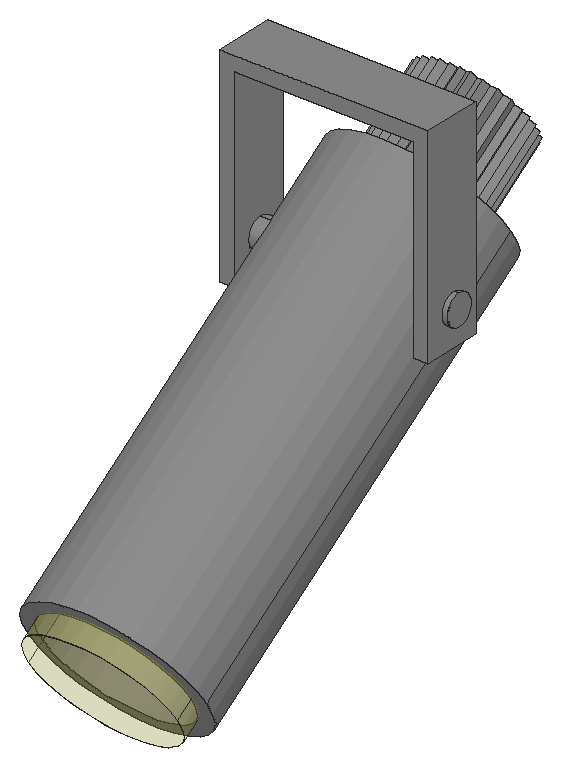
Revit family "Luminária Spot - Exemplo", category Luminárias, Revit 2015
Parameters (values of type "Tipo 1")
  built-in parameter 1010507 = 1.5708 (stored number, unit not read)
  built-in parameter 1010506 = 0.5236 (stored number, unit not read)
  Tilt Angle = 60.00°
  Wattage = 9.2903 W
  built-in parameter 1150110 = 1 (stored number, unit not read)
  built-in parameter 1114217 = 1 (stored number, unit not read)
  built-in parameter 1150109 = 1 (stored number, unit not read)
  built-in parameter 1150134 = (empty or 0)
  built-in parameter 1150113 = 1 (stored number, unit not read)
  Lumens = 1380 lm
  built-in parameter 1150115 = 1 (stored number, unit not read)
  built-in parameter 1150105 = 4614.1 (stored number, unit not read)
  built-in parameter 1150137 = (empty or 0)
  built-in parameter 1150139 = (empty or 0)
  built-in parameter 1150112 = 1 (stored number, unit not read)
  built-in parameter 1150114 = 1 (stored number, unit not read)
  built-in parameter 1150132 = 2
  built-in parameter 1150102 = (empty or 0)
  built-in parameter 1150138 = (empty or 0)
  built-in parameter 1150107 = 3000 (stored number, unit not read)
  built-in parameter 1150106 = 46.141 (stored number, unit not read)
  built-in parameter 1150104 = 13.8 (stored number, unit not read)
  Dimming Lamp Color Temperature Shift = (empty or 0)
  Color Filter = 16777215
  built-in parameter 1114218 = 1 (stored number, unit not read)
  Light Source Symbol Length = 3.050 m
  Altura do Foco = 0.155 m
  Comprimento do símbolo da fonte luminosa = 3.048 m
Reference planes (m)
  plane 1 "Eixo de origem da luz (F/T)": y = 0
  plane 2: z = 0
  plane 3 "Eixo de origem da luz (E/D)": x = 0
  plane 4 "Forro": z = -0.000128
  plane 5 "Elevação da origem da luz": z = -0.155
Forms (m)
  Extrusion 1, solid, material ".Material Suporte"
    sketch origin (0, 0, 0) x (1, 0, 0) y (0, 0, 1)
      loop
        line (0.035, -0.000128) -> (-0.035, -0.000128) -> (-0.035, -0.070128) -> (-0.03, -0.070128) -> (-0.03, -0.005128) -> (0.03, -0.005128) -> (0.03, -0.070128) -> (0.035, -0.070128) -> (0.035, -0.000128)
    from 0 to 0.02
  Extrusion 2, solid, material ".Material Suporte"
    sketch origin (0, -0.037156, -0.025159) x (1, 0, 0) y (0, -0.559193, 0.829038)
      loop
        circle (0, -0.053346) r 0.03
    from -0.034302 to 0.12
  Extrusion 3, void
    sketch origin (0, -0.136641, -0.092263) x (1, 0, 0) y (0, -0.559193, 0.829038)
      loop
        circle (-0.000443, -0.053562) r 0.025
    from -0.145425 to 0.006608
  Extrusion 4, solid, material ".Material Suporte"
    sketch origin (0, -0.008718, -0.005978) x (-1, 0, 0) y (0, -0.559193, 0.829038)
      loop
        line (-0.005522, -0.033324) -> (-0.006444, -0.035728) -> (-0.008977, -0.034904) -> (-0.009912, -0.037782) -> (-0.012723, -0.037782) -> (-0.01287, -0.040588) -> (-0.015775, -0.041378) -> (-0.015193, -0.044119) -> (-0.017763, -0.04538) -> (-0.016455, -0.047395) -> (-0.018638, -0.048595) -> (-0.017026, -0.050449) -> (-0.018981, -0.052149) -> (-0.017058, -0.05365) -> (-0.018569, -0.056201) -> (-0.016387, -0.057313) -> (-0.017413, -0.059955) -> (-0.014885, -0.060937) -> (-0.015155, -0.063968) -> (-0.012373, -0.064449) -> (-0.012373, -0.067155) -> (-0.009923, -0.066679) -> (-0.009631, -0.069142) -> (-0.006992, -0.068484) -> (-0.005862, -0.070995) -> (-0.003607, -0.069745) -> (-0.002389, -0.071942) -> (-0.000705, -0.070259) -> (0.001031, -0.072221) -> (0.00262, -0.070265) -> (0.004306, -0.071951) -> (0.005404, -0.069792) -> (0.007501, -0.071145) -> (0.008359, -0.068771) -> (0.011038, -0.069537) -> (0.011842, -0.066725) -> (0.014801, -0.066725) -> (0.015034, -0.063659) -> (0.017837, -0.063063) -> (0.017364, -0.059957) -> (0.019825, -0.059061) -> (0.018535, -0.056696) -> (0.020776, -0.0554) -> (0.019055, -0.053407) -> (0.021031, -0.052221) -> (0.018986, -0.050269) -> (0.020607, -0.048267) -> (0.018253, -0.046783) -> (0.019475, -0.044486) -> (0.016756, -0.043337) -> (0.017217, -0.040473) -> (0.014343, -0.04001) -> (0.014343, -0.037295) -> (0.011867, -0.037794) -> (0.011692, -0.035299) -> (0.008771, -0.035889) -> (0.007819, -0.033408) -> (0.005518, -0.034706) -> (0.00455, -0.032533) -> (0.002532, -0.034287) -> (0.001031, -0.032221) -> (-0.000539, -0.034196) -> (-0.002244, -0.03249) -> (-0.003253, -0.034654) -> (-0.005522, -0.033324)
    from 0 to 0.03
  Extrusion 5, solid, material ".material Vidro"
    sketch origin (0, -0.136641, -0.092263) x (1, 0, 0) y (0, -0.559193, 0.829038)
      loop
        circle (0.000201, -0.052976) r 0.025019
    from -0.097935 to 0.007513
  Extrusion 6, solid, material ".Material Suporte"
    sketch origin (0.035, 0, -0.000128) x (0, 0, -1) y (0, 1, 0)
      loop
        circle (0.057809, -0.009463) r 0.005
    from -0.071662 to 0.002032
Cuts and joins
  Extrusion 3 cuts Extrusion 2
Dimensions and locks (m)
  equal spacing: host sketch curve, plane 3 "Eixo de origem da luz (E/D)", host sketch curve
  equal spacing: host sketch curve, plane 1 "Eixo de origem da luz (F/T)", host sketch curve
  host sketch curve to host sketch curve = 4.000 m  (x2)
  locked: plane 4 "Forro" to host ceiling at 0
  "Altura do Foco": level to plane 5 "Elevação da origem da luz"
Automatic sketch dimensions
  Extrusion 1 sketch curve to plane 4 "Forro" = 0.000 m
  Extrusion 1 sketch curve to plane 3 "Eixo de origem da luz (E/D)" = 0.035 m
  Extrusion 1 sketch curve to Extrusion 1 sketch curve = 0.005 m  (x2)
  plane 4 "Forro" to Extrusion 1 sketch curve = 0.005 m
  plane 3 "Eixo de origem da luz (E/D)" to Extrusion 1 sketch curve = 0.030 m
  Extrusion 1 sketch curve to Extrusion 1 sketch curve = 0.065 m
  Extrusion 1 sketch curve to Extrusion 1 sketch curve = 0.000 m
  Extrusion 2 sketch curve to plane 3 "Eixo de origem da luz (E/D)" = 0.000 m
  Extrusion 4 sketch curve to Extrusion 4 sketch curve = 0.000343 m
  Extrusion 4 sketch curve to Extrusion 4 sketch curve = 0.000411 m
  Extrusion 4 sketch curve to Extrusion 4 sketch curve = 0.000875 m
  Extrusion 4 sketch curve to Extrusion 4 sketch curve = 0.001156 m
  Extrusion 4 sketch curve to Extrusion 4 sketch curve = 0.001922 m
  Extrusion 4 sketch curve to Extrusion 4 sketch curve = 0.001612 m
  Extrusion 4 sketch curve to Extrusion 4 sketch curve = 0.001308 m
  Extrusion 4 sketch curve to Extrusion 4 sketch curve = 0.002182 m
  Extrusion 4 sketch curve to Extrusion 4 sketch curve = 0.001988 m
  Extrusion 4 sketch curve to Extrusion 4 sketch curve = 0.000583 m
  Extrusion 4 sketch curve to Extrusion 4 sketch curve = 0.002258 m
  Extrusion 4 sketch curve to Extrusion 4 sketch curve = 0.002528 m
  Extrusion 4 sketch curve to Extrusion 4 sketch curve = 0.002905 m
  Extrusion 4 sketch curve to Extrusion 4 sketch curve = 0.000147 m
  Extrusion 4 sketch curve to Extrusion 4 sketch curve = 0.002783 m
  Extrusion 4 sketch curve to Extrusion 4 sketch curve = 0.002449 m
  Extrusion 4 sketch curve to Extrusion 4 sketch curve = 0.002811 m
  Extrusion 4 sketch curve to Extrusion 4 sketch curve = 0.000293 m
  Extrusion 4 sketch curve to Extrusion 4 sketch curve = 0.000935 m
  Extrusion 4 sketch curve to Extrusion 4 sketch curve = 0.002639 m
  Extrusion 4 sketch curve to Extrusion 4 sketch curve = 0.002533 m
  Extrusion 4 sketch curve to Extrusion 4 sketch curve = 0.00113 m
  Extrusion 4 sketch curve to Extrusion 4 sketch curve = 0.000923 m
  Extrusion 4 sketch curve to Extrusion 4 sketch curve = 0.002255 m
  Extrusion 4 sketch curve to Extrusion 4 sketch curve = 0.002268 m
  Extrusion 4 sketch curve to Extrusion 4 sketch curve = 0.001218 m
  Extrusion 4 sketch curve to Extrusion 4 sketch curve = 0.001009 m
  Extrusion 4 sketch curve to Extrusion 4 sketch curve = 0.001683 m  (x2)
  Extrusion 4 sketch curve to Extrusion 4 sketch curve = 0.001705 m
  Extrusion 4 sketch curve to Extrusion 4 sketch curve = 0.00157 m
  Extrusion 4 sketch curve to Extrusion 4 sketch curve = 0.001736 m
  Extrusion 4 sketch curve to Extrusion 4 sketch curve = 0.001501 m
  Extrusion 4 sketch curve to Extrusion 4 sketch curve = 0.001589 m
  Extrusion 4 sketch curve to Extrusion 4 sketch curve = 0.001686 m  (x2)
  Extrusion 4 sketch curve to Extrusion 4 sketch curve = 0.002018 m
  Extrusion 4 sketch curve to Extrusion 4 sketch curve = 0.001098 m
  Extrusion 4 sketch curve to Extrusion 4 sketch curve = 0.000968 m
  Extrusion 4 sketch curve to Extrusion 4 sketch curve = 0.002097 m
  Extrusion 4 sketch curve to Extrusion 4 sketch curve = 0.002301 m
  Extrusion 4 sketch curve to Extrusion 4 sketch curve = 0.000858 m
  Extrusion 4 sketch curve to Extrusion 4 sketch curve = 0.000952 m
  Extrusion 4 sketch curve to Extrusion 4 sketch curve = 0.00268 m
  Extrusion 4 sketch curve to Extrusion 4 sketch curve = 0.002921 m
  Extrusion 4 sketch curve to Extrusion 4 sketch curve = 0.000804 m
  Extrusion 4 sketch curve to Extrusion 4 sketch curve = 0.000174 m
  Extrusion 4 sketch curve to Extrusion 4 sketch curve = 0.002476 m
  Extrusion 4 sketch curve to Extrusion 4 sketch curve = 0.002959 m
  Extrusion 4 sketch curve to Extrusion 4 sketch curve = 0.000233 m
  Extrusion 4 sketch curve to Extrusion 4 sketch curve = 0.002413 m
  Extrusion 4 sketch curve to Extrusion 4 sketch curve = 0.000461 m
  Extrusion 4 sketch curve to Extrusion 4 sketch curve = 0.00233 m
  Extrusion 4 sketch curve to Extrusion 4 sketch curve = 0.002803 m
  Extrusion 4 sketch curve to Extrusion 4 sketch curve = 0.001497 m
  Extrusion 4 sketch curve to Extrusion 4 sketch curve = 0.001171 m
  Extrusion 4 sketch curve to Extrusion 4 sketch curve = 0.000733 m
  Extrusion 4 sketch curve to Extrusion 4 sketch curve = 0.000069 m
  Extrusion 4 sketch curve to Extrusion 4 sketch curve = 0.001221 m
  Extrusion 4 sketch curve to Extrusion 4 sketch curve = 0.002461 m
  Extrusion 4 sketch curve to Extrusion 4 sketch curve = 0.001621 m
  Extrusion 4 sketch curve to Extrusion 4 sketch curve = 0.002241 m
  Extrusion 4 sketch curve to Extrusion 4 sketch curve = 0.001975 m  (x2)
  Extrusion 4 sketch curve to Extrusion 4 sketch curve = 0.00027 m
  Extrusion 4 sketch curve to Extrusion 4 sketch curve = 0.000278 m
  Extrusion 4 sketch curve to Extrusion 4 sketch curve = 0.000806 m
  Extrusion 4 sketch curve to Extrusion 4 sketch curve = 0.000947 m
  Extrusion 4 sketch curve to Extrusion 4 sketch curve = 0.002159 m
  Extrusion 4 sketch curve to Extrusion 4 sketch curve = 0.001608 m
  Extrusion 4 sketch curve to Extrusion 4 sketch curve = 0.001853 m
  Extrusion 4 sketch curve to Extrusion 4 sketch curve = 0.002374 m
  Extrusion 4 sketch curve to Extrusion 4 sketch curve = 0.000658 m
  Extrusion 4 sketch curve to Extrusion 4 sketch curve = 0.001987 m
  Extrusion 4 sketch curve to Extrusion 4 sketch curve = 0.002463 m
  Extrusion 4 sketch curve to Extrusion 4 sketch curve = 0.002706 m
  Extrusion 4 sketch curve to Extrusion 4 sketch curve = 0.00048 m
  Extrusion 4 sketch curve to Extrusion 4 sketch curve = 0.003066 m
  Extrusion 4 sketch curve to Extrusion 4 sketch curve = 0.000596 m
  Extrusion 4 sketch curve to Extrusion 4 sketch curve = 0.003031 m
  Extrusion 4 sketch curve to Extrusion 4 sketch curve = 0.003106 m
  Extrusion 4 sketch curve to Extrusion 4 sketch curve = 0.000982 m
  Extrusion 4 sketch curve to Extrusion 4 sketch curve = 0.000896 m
  Extrusion 4 sketch curve to Extrusion 4 sketch curve = 0.002365 m
  Extrusion 4 sketch curve to Extrusion 4 sketch curve = 0.001112 m
  Extrusion 4 sketch curve to Extrusion 4 sketch curve = 0.001295 m
  Extrusion 4 sketch curve to Extrusion 4 sketch curve = 0.002551 m
  Extrusion 4 sketch curve to Extrusion 4 sketch curve = 0.001993 m
  Extrusion 4 sketch curve to Extrusion 4 sketch curve = 0.001187 m
  Extrusion 4 sketch curve to Extrusion 4 sketch curve = 0.001502 m
  Extrusion 4 sketch curve to Extrusion 4 sketch curve = 0.001699 m
  Extrusion 4 sketch curve to Extrusion 4 sketch curve = 0.001952 m
  Extrusion 4 sketch curve to Extrusion 4 sketch curve = 0.002002 m
  Extrusion 4 sketch curve to Extrusion 4 sketch curve = 0.0012 m
  Extrusion 4 sketch curve to Extrusion 4 sketch curve = 0.001483 m
  Extrusion 4 sketch curve to Extrusion 4 sketch curve = 0.002015 m
  Extrusion 4 sketch curve to Extrusion 4 sketch curve = 0.002297 m
  Extrusion 4 sketch curve to Extrusion 4 sketch curve = 0.001261 m
  Extrusion 4 sketch curve to Extrusion 4 sketch curve = 0.001149 m
  Extrusion 4 sketch curve to Extrusion 4 sketch curve = 0.002741 m
  Extrusion 4 sketch curve to Extrusion 4 sketch curve = 0.00079 m
  Extrusion 4 sketch curve to Extrusion 4 sketch curve = 0.002865 m
  Extrusion 4 sketch curve to Extrusion 4 sketch curve = 0.002216 m
  Extrusion 4 sketch curve to Extrusion 4 sketch curve = 0.002806 m
  Extrusion 4 sketch curve to Extrusion 4 sketch curve = 0.0005 m
  Extrusion 4 sketch curve to Extrusion 4 sketch curve = 0.001906 m
  Extrusion 4 sketch curve to Extrusion 4 sketch curve = 0.002054 m
  Extrusion 4 sketch curve to Extrusion 4 sketch curve = 0.002495 m
  Extrusion 4 sketch curve to Extrusion 4 sketch curve = 0.001182 m
  Extrusion 4 sketch curve to Extrusion 4 sketch curve = 0.001073 m
  Extrusion 4 sketch curve to Extrusion 4 sketch curve = 0.00042 m
  Extrusion 4 sketch curve to Extrusion 4 sketch curve = 0.000459 m
  Extrusion 4 sketch curve to Extrusion 4 sketch curve = 0.001299 m
  Extrusion 4 sketch curve to Extrusion 4 sketch curve = 0.002403 m
  Extrusion 4 sketch curve to Extrusion 4 sketch curve = 0.002174 m
  Extrusion 4 sketch curve to Extrusion 4 sketch curve = 0.002164 m
  Extrusion 1 to Extrusion 6 sketch curve = 0.012191 m
  Extrusion 1 to Extrusion 6 sketch curve = 0.009463 m
  radius of Extrusion 2 sketch curve = 0.030 m
  radius of Extrusion 3 sketch curve = 0.025 m
  radius of Extrusion 5 sketch curve = 0.025019 m
  radius of Extrusion 6 sketch curve = 0.005 m
